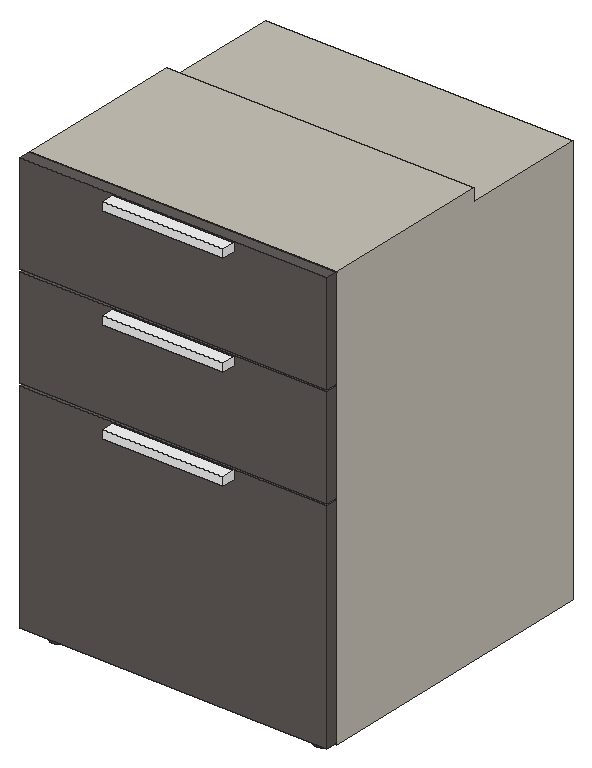
Revit family "Storage-Secondary_Desks-Teknion-BSSP_Stretch_Pedestal-R2018", category Furniture, Revit 2018
Family settings
  OmniClass Number = 23.40.20.00
  OmniClass Title = General Furniture and Specialties
  Work Plane-Based = No
  Always vertical = Yes
  Cut with Voids When Loaded = No
  Shared = Yes
  Room Calculation Point = No
Parameters (values of type "Located at the center of a Secondary Desk, 18"w")
  Width = 17.910"
  Warranty = "http://www.teknion.com/ca/papers/legal-canada"
  Unit Weight URL = "http://www.teknion.com/ca/tools/assets#&asset=bee6a381-b954-425e-8283-5a2de3a804f2,f828d448-4b62-4231-9e5f-9a8991c0ed77"
  URL = "www.teknion.com"
  To render please download texture images found here [instance] = "https://assets.teknion.com/web/5e81352c1dfdb467/revit-material-swatches/"
  Sustainability Data = "http://www.teknion.com/ca/tools/assets#&topic=216f99a5-57a0-44fc-b10a-9dee9b29ae4c&asset=444deb64-fe58-4b68-981e-f75e97781df7"
  Series = "Expansion Casegoods"  # constant formula
  Secondary Desk Depth [instance] = 20.000"
  Pull Finish [instance] = Mica - Teknion - V - Satin - Very White
  Product Page URL = "http://www.teknion.com/ca/products/product-details?productlineid=0053336e-8e7a-673b-a6c8-ff00004460c4"
  Product Line = "Expansion Casegoods"  # constant formula
  Product Documentation Link = "http://www.teknion.com/pricing/expansion-casegoods/pdfs/BSSP_ppg.pdf"
  Part Number = "BSSP"  # constant formula
  Model = "BSSPCNH__18"
  Manufacturer Phone = "416-661-3370"  # constant formula
  Manufacturer Fax = "416.661.4586"  # constant formula
  Manufacturer Contact Information = "http://www.teknion.com/ca/contactus"
  Manufacturer Address = "1150 Flint Road, Toronto, ON. M3J 2J5. Canada"  # constant formula
  Manufacturer = "Teknion"  # constant formula
  How To Use Teknion Materials User Guide [instance] = "https://assets.teknion.com/m/205dd0a49fa58060/original/How-to-add-a-Material-Library-and-Texture-Images-to-your-Revit-project.pdf"
  For Additional Finishes please visit [instance] = "https://assets.teknion.com/m/44a8009b046e5d47/original/Teknion_Materials_Library.zip"
  Drawer Front Finish [instance] = Veneer - Teknion - VB - Flintwood - Black Walnut
  Description = "Stretch Pedestal for Secondary Desk, Center Position, Not In Front of Height Adjustable Mechanism, High Seconday Desk Height, 18\" Width"
  Case Finish [instance] = Source Laminate - Teknion - DE - Latte
  Available Secondary Desk Depths [instance] = "20 or 24 inches."  # constant formula
  Assembly Code = "E2020200"
Types (5): name | Width | Model | Description
  (no name) | 17.910" | "BSSPCNH__18" | "Stretch Pedestal for Secondary Desk, Center Position, Not In Front of Height Adjustable Mechanism, High Seconday Desk Height, 18\" Width"
  Located at the End of a 1 3/16" Thick Secondary Desk, 18"w | 16.77524" | "BSSPMNH__18" | "Stretch Pedestal for Secondary Desk, End Position - 1 3/16\" thick Secondary Desk, Not In Front of Height Adjustable Mechanism, High Seconday Desk Height, 18\" Width"
  Located at the End of a 1" Thick Secondary Desk, 18"w | 16.77524" | "BSSPDNH__18" | "Stretch Pedestal for Secondary Desk, End Position - 1\" thick Secondary Desk, Not In Front of Height Adjustable Mechanism, High Seconday Desk Height, 18\" Width"
  Located at the End of a 1 9/16" Thick Secondary Desk, 18"w | 16.236" | "BSSPXNH__18" | "Stretch Pedestal for Secondary Desk, End Position - 1 9/16\" thick Secondary Desk, Not In Front of Height Adjustable Mechanism, High Seconday Desk Height, 18\" Width"
  Located at the center of a Secondary Desk, 18"w | 17.910" | "BSSPCNH__18" | "Stretch Pedestal for Secondary Desk, Center Position, Not In Front of Height Adjustable Mechanism, High Seconday Desk Height, 18\" Width"
Reference planes (in)
  plane 1 "Center Front/Back": y = 0
  plane 2: z = 0
  plane 3 "Center Left/Right": x = 0
  plane 4 "Left": x = -8.955
  plane 5 "Right": x = 8.955
  plane 6 "Back": y = 8.61024
  plane 7 "Front": y = -8.61024
  plane 8 "Top": z = 25.29921
  plane 9: z = 0.60236
  plane 10: z = 19.4626
  plane 11: z = 19.34449
  plane 12: z = 13.50787
  plane 13: z = 13.38976
  plane 14: y = -9.31102
  plane 15: x = -3.5
  plane 16: x = 3.5
  plane 17: y = -10.06299
Forms (in)
  Extrusion 1, solid, material "Source Laminate - Teknion - DE - Latte" <- "Case Finish"
    sketch origin (0, 0, 0) x (0, 1, 0) y (0, 0, 1)
      loop
        line (1.36614, 25.29921) -> (-8.61024, 25.29921) -> (-8.61024, 0.60236) -> (8.61024, 0.60236) -> (8.61024, 24.59843) -> (1.36614, 24.59843) -> (1.36614, 25.29921)
    from -8.955 to 8.955
  Extrusion 2, solid, material "Veneer - Teknion - VB - Flintwood - Black Walnut" <- "Drawer Front Finish"
    sketch origin (-8.38762, -9.31102, 48) x (-1, 0, 0) y (0, 0, 1)
      loop
        line (-17.34262, -34.61024) -> (-17.34262, -47.27964) -> (0.56738, -47.27964) -> (0.56738, -34.61024) -> (-17.34262, -34.61024)
    from 0 to 0.70079
  Extrusion 3, solid, material "Veneer - Teknion - VB - Flintwood - Black Walnut" <- "Drawer Front Finish"
    sketch origin (-8.38762, -9.31102, 48) x (-1, 0, 0) y (0, 0, 1)
      loop
        line (-17.34262, -34.49213) -> (0.56738, -34.49213) -> (0.56738, -28.65551) -> (-17.34262, -28.65551) -> (-17.34262, -34.49213)
    from 0 to 0.70079
  Extrusion 4, solid, material "Veneer - Teknion - VB - Flintwood - Black Walnut" <- "Drawer Front Finish"
    sketch origin (-8.38762, -9.31102, 48) x (-1, 0, 0) y (0, 0, 1)
      loop
        line (0.56738, -22.70079) -> (-17.34262, -22.70079) -> (-17.34262, -28.5374) -> (0.56738, -28.5374) -> (0.56738, -22.70079)
    from 0 to 0.70079
  Extrusion 5, solid, material "Mica - Teknion - V - Satin - Very White" <- "Pull Finish"
    sketch origin (-8.38762, -9.31102, 48) x (-1, 0, 0) y (0, 0, 1)
      loop
        line (-11.88762, -22.75984) -> (-11.88762, -23.25984) -> (-4.88762, -23.25984) -> (-4.88762, -22.75984) -> (-11.88762, -22.75984)
    from -0.75197 to 0
  Extrusion 6, solid, material "Mica - Teknion - V - Satin - Very White" <- "Pull Finish"
    sketch origin (-8.38762, -9.31102, 42.04528) x (-1, 0, 0) y (0, 0, 1)
      loop
        line (-11.88762, -22.75984) -> (-11.88762, -23.25984) -> (-4.88762, -23.25984) -> (-4.88762, -22.75984) -> (-11.88762, -22.75984)
    from -0.75197 to 0
  Extrusion 7, solid, material "Mica - Teknion - V - Satin - Very White" <- "Pull Finish"
    sketch origin (-8.38762, -9.31102, 36.09055) x (-1, 0, 0) y (0, 0, 1)
      loop
        line (-11.88762, -22.75984) -> (-11.88762, -23.25984) -> (-4.88762, -23.25984) -> (-4.88762, -22.75984) -> (-11.88762, -22.75984)
    from -0.75197 to 0
  Extrusion 8, solid, material "Plastic - Teknion - E - Ebony"
    sketch origin (0, 0, 0) x (1, 0, 0) y (0, 1, 0)
      loop
        circle (-7.69277, 7.97245) r 0.5
    from 0 to 0.60236
  Extrusion 9, solid, material "Plastic - Teknion - E - Ebony"
    sketch origin (0, 0, 0) x (-1, 0, 0) y (0, -1, 0)
      loop
        circle (-7.69277, -7.97245) r 0.5
    from 0 to 0.60236
  Extrusion 10, solid, material "Plastic - Teknion - E - Ebony"
    sketch origin (0, 0, 0) x (1, 0, 0) y (0, 1, 0)
      loop
        circle (-7.69277, -7.97245) r 0.5
    from 0 to 0.60236
  Extrusion 11, solid, material "Plastic - Teknion - E - Ebony"
    sketch origin (0, 0, 0) x (-1, 0, 0) y (0, -1, 0)
      loop
        circle (-7.69277, 7.97245) r 0.5
    from 0 to 0.60236
Lines and regions (in)
  Masking region 1
    outline origin (0, 0, 0) x (1, 0, 0) y (0, 1, 0)
      loop
        line (-8.955, 8.61024) -> (-8.955, -8.61024) -> (8.955, -8.61024) -> (8.955, 8.61024) -> (-8.955, 8.61024)
  Masking region 2
    outline origin (0, 0, 0) x (1, 0, 0) y (0, 1, 0)
      loop
        line (-8.955, -9.31102) -> (8.955, -9.31102) -> (8.955, -8.61024) -> (-8.955, -8.61024) -> (-8.955, -9.31102)
  Masking region 3
    outline origin (0, 0, 0) x (1, 0, 0) y (0, 1, 0)
      loop
        line (3.5, -10.06299) -> (3.5, -9.31102) -> (-3.5, -9.31102) -> (-3.5, -10.06299) -> (3.5, -10.06299)
  symbolic lines
    curve 1: line (-8.955, 1.36614, 0) -> (8.955, 1.36614, 0)
  symbolic lines, style "FurnitureHiddenLines", detail levels fine
    curve 2: arc (-7.19277, -7.97245, 0) -> (-7.69277, -7.47245, 0) -> (-8.19277, -7.97245, 0) r 0.5
    curve 3: arc (-8.19277, -7.97245, 0) -> (-7.69277, -8.47245, 0) -> (-7.19277, -7.97245, 0) r 0.5
    curve 4: arc (7.19277, -7.97245, 0) -> (7.69277, -8.47245, 0) -> (8.19277, -7.97245, 0) r 0.5
    curve 5: arc (8.19277, -7.97245, 0) -> (7.69277, -7.47245, 0) -> (7.19277, -7.97245, 0) r 0.5
    curve 6: arc (7.19277, 7.97245, 0) -> (7.69277, 7.47245, 0) -> (8.19277, 7.97245, 0) r 0.5
    curve 7: arc (8.19277, 7.97245, 0) -> (7.69277, 8.47245, 0) -> (7.19277, 7.97245, 0) r 0.5
    curve 8: arc (-8.19277, 7.97245, 0) -> (-7.69277, 7.47245, 0) -> (-7.19277, 7.97245, 0) r 0.5
    curve 9: arc (-7.19277, 7.97245, 0) -> (-7.69277, 8.47245, 0) -> (-8.19277, 7.97245, 0) r 0.5
Dimensions and locks (in)
  equal spacing: plane 4 "Left", plane 3 "Center Left/Right", plane 5 "Right"
  equal spacing: plane 6 "Back", plane 1 "Center Front/Back", plane 7 "Front"
  plane 8 "Top" to level = 25.29921"
  locked: plane 9 to plane 2 at 0.60236
  locked: plane 6 "Back" to Extrusion 1 sketch curve at 7.24409
  locked: plane 8 "Top" to Extrusion 1 sketch curve at 0.70079
  plane 10 to plane 11 to plane 12 to plane 13 to plane 9 = 0.11811" locked, 5.83661" locked, 0.11811" locked, 12.7874" locked
  locked: plane 7 "Front" to plane 14 at 0.70079
  "Width": plane 4 "Left" to plane 5 "Right"
  locked: plane 8 "Top" to Extrusion 5 sketch curve at 0.05906
  Extrusion 5 sketch curve to plane 4 "Left" = 5.455"
  Extrusion 5 sketch curve to plane 5 "Right" = 5.455"
  plane 15 to plane 3 "Center Left/Right" to plane 16 = 3.500" locked, 3.500" locked
  locked: plane 17 to plane 14 at 0.75197
  plane 13 to Extrusion 7 sketch curve to Extrusion 7 sketch curve = 0.05906" locked, 0.500" locked
  plane 11 to Extrusion 6 sketch curve to Extrusion 6 sketch curve = 0.05906" locked, 0.500" locked
  locked: plane 8 "Top" to Extrusion 5 sketch curve at 0.55906
  locked: plane 6 "Back" to Extrusion 8 sketch curve at 0.63779
  locked: plane 4 "Left" to Extrusion 8 sketch curve at 1.26223
  locked: plane 6 "Back" to Extrusion 9 sketch curve at 0.63779
  locked: Extrusion 9 sketch curve to plane 5 "Right" at 1.26223
  locked: plane 4 "Left" to Extrusion 10 sketch curve at 1.26223
  locked: plane 7 "Front" to Extrusion 10 sketch curve at 0.63779
  locked: Extrusion 11 sketch curve to plane 5 "Right" at 1.26223
  locked: plane 7 "Front" to Extrusion 11 sketch curve at 0.63779
  locked: plane 6 "Back" to plane 7 "Front" at 17.22047
  locked: Extrusion 2 sketch curve to plane 9 at 0.118
  aligned and locked: level to plane 2
  aligned and locked: plane 8 "Top" to Extrusion 1 sketch curve
  aligned and locked: Extrusion 1 sketch curve to plane 7 "Front"
  aligned and locked: Extrusion 1 sketch curve to plane 9
  aligned and locked: plane 6 "Back" to Extrusion 1 sketch curve
  aligned and locked: Extrusion 1 to plane 4 "Left"
  aligned and locked: Extrusion 1 to plane 5 "Right"
  aligned and locked: plane 13 to Extrusion 2 sketch curve
  aligned and locked: plane 4 "Left" to Extrusion 2 sketch curve
  aligned and locked: Extrusion 2 sketch curve to plane 5 "Right"
  aligned and locked: Extrusion 2 to plane 7 "Front"
  aligned and locked: Extrusion 2 to plane 14
  aligned and locked: plane 12 to Extrusion 3 sketch curve
  aligned and locked: plane 4 "Left" to Extrusion 3 sketch curve
  aligned and locked: plane 11 to Extrusion 3 sketch curve
  aligned and locked: Extrusion 3 sketch curve to plane 5 "Right"
  aligned and locked: Extrusion 3 to plane 14
  aligned and locked: Extrusion 3 to plane 7 "Front"
  aligned and locked: plane 5 "Right" to Extrusion 4 sketch curve
  aligned and locked: plane 4 "Left" to Extrusion 4 sketch curve
  aligned and locked: Extrusion 4 sketch curve to plane 8 "Top"
  aligned and locked: Extrusion 4 sketch curve to plane 10
  aligned and locked: Extrusion 4 to plane 14
  aligned and locked: Extrusion 4 to plane 7 "Front"
  aligned and locked: Extrusion 7 sketch curve to plane 15
  aligned and locked: plane 16 to Extrusion 7 sketch curve
  aligned and locked: Extrusion 6 sketch curve to plane 15
  aligned and locked: plane 16 to Extrusion 6 sketch curve
  aligned and locked: plane 17 to Extrusion 6
  aligned and locked: plane 17 to Extrusion 7
  aligned and locked: Masking region 1 sketch curve to plane 4 "Left"
  aligned and locked: Masking region 1 sketch curve to plane 6 "Back"
  aligned and locked: Masking region 1 sketch curve to plane 5 "Right"
  aligned and locked: Masking region 1 sketch curve to plane 7 "Front"
  aligned and locked: Masking region 2 sketch curve to plane 14
  aligned and locked: Masking region 2 sketch curve to plane 7 "Front"
  aligned and locked: Masking region 2 sketch curve to plane 4 "Left"
  aligned and locked: plane 5 "Right" to Masking region 2 sketch curve
  aligned and locked: Masking region 3 sketch curve to plane 17
  aligned and locked: Masking region 3 sketch curve to plane 15
  aligned and locked: Masking region 3 sketch curve to plane 14
  aligned and locked: plane 16 to Masking region 3 sketch curve
  aligned and locked: plane 14 to Extrusion 7
  aligned and locked: plane 14 to Extrusion 6
  aligned and locked: Extrusion 8 to plane 9
  aligned and locked: Extrusion 9 to plane 9
  aligned and locked: Extrusion 10 to plane 9
  aligned and locked: Extrusion 11 to plane 9
  aligned and locked: Extrusion 8 to plane 2
  aligned and locked: Extrusion 9 to plane 2
  aligned and locked: Extrusion 10 to plane 2
  aligned and locked: Extrusion 11 to plane 2
  aligned and locked: curve 2 to Extrusion 10
  aligned and locked: curve 3 to Extrusion 10
  aligned and locked: curve 4 to Extrusion 11
  aligned and locked: curve 5 to Extrusion 11
  aligned and locked: curve 6 to Extrusion 9
  aligned and locked: curve 7 to Extrusion 9
  aligned and locked: curve 8 to Extrusion 8
  aligned and locked: curve 9 to Extrusion 8
  aligned and locked: plane 16 to Extrusion 5
  aligned and locked: plane 15 to Extrusion 5
Automatic sketch dimensions
  curve 1 to plane 4 "Left" = 0.000"
  curve 1 to plane 5 "Right" = 0.000"
  curve 1 to plane 1 "Center Front/Back" = 1.36614"
  radius of Extrusion 8 sketch curve = 0.500"
  radius of Extrusion 9 sketch curve = 0.500"
  radius of Extrusion 10 sketch curve = 0.500"
  radius of Extrusion 11 sketch curve = 0.500"
